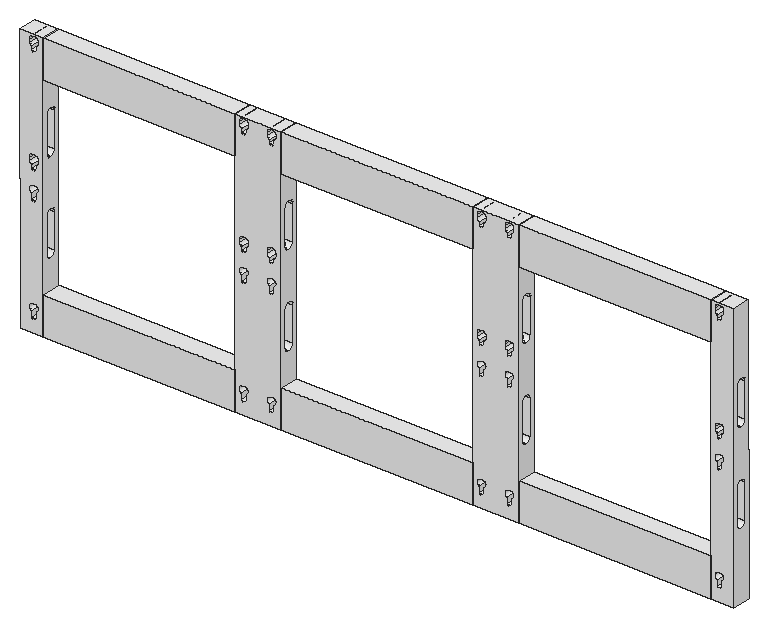
Revit family "DAK-NPN-COB-X600-2x3-Speed Frame_R23", category Generic Models, Revit 2023
Family settings
  Can host rebar = No
  Round Connector Dimension = Use Diameter
  Part Type = Normal
  Work Plane-Based = No
  Always vertical = Yes
  Cut with Voids When Loaded = No
  Maintain Annotation Orientation = No
  Shared = No
  Room Calculation Point = No
Parameters
  Default Elevation = 0' - 0"
Reference planes (in)
  plane 1 "Center (Front/Back)": y = 0
  plane 2: z = 0
  plane 3 "Center (Left/Right)": x = 0
Forms (in)
  Extrusion 1, solid, material "Aluminum"
    sketch origin (0, 0, 0) x (1, 0, 0) y (0, 0, 1)
      loop
        line (21.34252, 26.5748) -> (21.33858, 0) -> (25.90551, 0) -> (25.90945, 26.5748) -> (21.34252, 26.5748)
      loop
        line (0, 26.5748) -> (0, 0) -> (2.26772, 0) -> (2.26772, 26.5748) -> (0, 26.5748)
      loop
        line (44.96457, 26.5748) -> (44.96063, 0) -> (49.52756, 0) -> (49.5315, 26.5748) -> (44.96457, 26.5748)
      loop
        line (68.6063, 26.5748) -> (68.6063, 0) -> (70.86614, 0) -> (70.86614, 26.5748) -> (68.6063, 26.5748)
    from 0 to 1.83071
  Extrusion 2, void
    sketch origin (0, 0, 0) x (1, 0, 0) y (0, 0, 1)
      loop
        arc (0.94441, 15.27559) -> (1.0015, 15.07669) -> (1.15539, 14.93836) r 0.375
        line (1.15539, 14.93836) -> (1.15539, 14.68504)
        arc (1.15539, 14.68504) -> (1.20343, 14.56908) -> (1.31939, 14.52104) r 0.164
        line (1.31939, 14.52104) -> (1.44439, 14.52104)
        arc (1.44439, 14.52104) -> (1.56035, 14.56908) -> (1.60839, 14.68504) r 0.164
        line (1.60839, 14.68504) -> (1.60839, 14.93832)
        arc (1.60839, 14.93832) -> (1.76233, 15.07666) -> (1.81945, 15.27559) r 0.375
        line (1.81945, 15.27559) -> (1.81945, 15.55118)
        arc (1.81945, 15.55118) -> (1.70961, 15.81635) -> (1.44445, 15.92618) r 0.375
        line (1.44445, 15.92618) -> (1.31941, 15.92618)
        arc (1.31941, 15.92618) -> (1.05424, 15.81635) -> (0.94441, 15.55118) r 0.375
        line (0.94441, 15.55118) -> (0.94441, 15.27559)
      loop
        arc (1.15539, 1.39764) -> (1.20343, 1.28168) -> (1.31939, 1.23364) r 0.164
        line (1.31939, 1.23364) -> (1.44439, 1.23364)
        arc (1.44439, 1.23364) -> (1.56035, 1.28168) -> (1.60839, 1.39764) r 0.164
        line (1.60839, 1.39764) -> (1.60839, 1.92654)
        arc (1.60839, 1.92654) -> (1.80983, 2.34792) -> (1.44439, 2.63878) r 0.375
        line (1.44439, 2.63878) -> (1.31939, 2.63878)
        arc (1.31939, 2.63878) -> (0.95395, 2.34792) -> (1.15539, 1.92654) r 0.375
        line (1.15539, 1.92654) -> (1.15539, 1.39764)
      loop
        arc (1.15539, 11.92913) -> (1.20343, 11.81317) -> (1.31939, 11.76514) r 0.164
        line (1.31939, 11.76514) -> (1.44439, 11.76514)
        arc (1.44439, 11.76514) -> (1.56035, 11.81317) -> (1.60839, 11.92913) r 0.164
        line (1.60839, 11.92913) -> (1.60839, 12.45804)
        arc (1.60839, 12.45804) -> (1.80983, 12.87942) -> (1.44439, 13.17028) r 0.375
        line (1.44439, 13.17028) -> (1.31939, 13.17028)
        arc (1.31939, 13.17028) -> (0.95395, 12.87942) -> (1.15539, 12.45804) r 0.375
        line (1.15539, 12.45804) -> (1.15539, 11.92913)
      loop
        arc (21.81049, 15.27559) -> (21.8676, 15.07667) -> (22.02153, 14.93833) r 0.375
        line (22.02153, 14.93833) -> (22.02153, 14.68504)
        arc (22.02153, 14.68504) -> (22.06957, 14.56907) -> (22.18553, 14.52104) r 0.164
        line (22.18553, 14.52104) -> (22.31053, 14.52104)
        arc (22.31053, 14.52104) -> (22.4265, 14.56907) -> (22.47453, 14.68504) r 0.164
        line (22.47453, 14.68504) -> (22.47453, 14.93835)
        arc (22.47453, 14.93835) -> (22.62843, 15.07669) -> (22.68553, 15.27559) r 0.375
        line (22.68553, 15.27559) -> (22.68553, 15.55118)
        arc (22.68553, 15.55118) -> (22.5757, 15.81635) -> (22.31053, 15.92618) r 0.375
        line (22.31053, 15.92618) -> (22.18549, 15.92618)
        arc (22.18549, 15.92618) -> (21.92033, 15.81635) -> (21.81049, 15.55118) r 0.375
        line (21.81049, 15.55118) -> (21.81049, 15.27559)
      loop
        arc (22.02153, 1.39764) -> (22.06957, 1.28167) -> (22.18553, 1.23364) r 0.164
        line (22.18553, 1.23364) -> (22.31053, 1.23364)
        arc (22.31053, 1.23364) -> (22.4265, 1.28167) -> (22.47453, 1.39764) r 0.164
        line (22.47453, 1.39764) -> (22.47453, 1.92654)
        arc (22.47453, 1.92654) -> (22.67597, 2.34793) -> (22.31053, 2.63878) r 0.375
        line (22.31053, 2.63878) -> (22.18553, 2.63878)
        arc (22.18553, 2.63878) -> (21.82009, 2.34793) -> (22.02153, 1.92654) r 0.375
        line (22.02153, 1.92654) -> (22.02153, 1.39764)
      loop
        arc (22.02153, 11.92913) -> (22.06957, 11.81317) -> (22.18553, 11.76513) r 0.164
        line (22.18553, 11.76513) -> (22.31053, 11.76513)
        arc (22.31053, 11.76513) -> (22.4265, 11.81317) -> (22.47453, 11.92913) r 0.164
        line (22.47453, 11.92913) -> (22.47453, 12.45804)
        arc (22.47453, 12.45804) -> (22.67597, 12.87942) -> (22.31053, 13.17028) r 0.375
        line (22.31053, 13.17028) -> (22.18553, 13.17028)
        arc (22.18553, 13.17028) -> (21.82009, 12.87942) -> (22.02153, 12.45804) r 0.375
        line (22.02153, 12.45804) -> (22.02153, 11.92913)
      loop
        arc (24.56644, 15.27559) -> (24.62353, 15.07669) -> (24.77744, 14.93835) r 0.375
        line (24.77744, 14.93835) -> (24.77744, 14.68504)
        arc (24.77744, 14.68504) -> (24.82547, 14.56907) -> (24.94144, 14.52104) r 0.164
        line (24.94144, 14.52104) -> (25.06644, 14.52104)
        arc (25.06644, 14.52104) -> (25.1824, 14.56907) -> (25.23044, 14.68504) r 0.164
        line (25.23044, 14.68504) -> (25.23044, 14.93833)
        arc (25.23044, 14.93833) -> (25.38437, 15.07667) -> (25.44148, 15.27559) r 0.375
        line (25.44148, 15.27559) -> (25.44148, 15.55118)
        arc (25.44148, 15.55118) -> (25.33164, 15.81635) -> (25.06648, 15.92618) r 0.375
        line (25.06648, 15.92618) -> (24.94144, 15.92618)
        arc (24.94144, 15.92618) -> (24.67627, 15.81635) -> (24.56644, 15.55118) r 0.375
        line (24.56644, 15.55118) -> (24.56644, 15.27559)
      loop
        arc (24.77744, 1.39764) -> (24.82547, 1.28167) -> (24.94144, 1.23364) r 0.164
        line (24.94144, 1.23364) -> (25.06644, 1.23364)
        arc (25.06644, 1.23364) -> (25.1824, 1.28167) -> (25.23044, 1.39764) r 0.164
        line (25.23044, 1.39764) -> (25.23044, 1.92654)
        arc (25.23044, 1.92654) -> (25.43187, 2.34793) -> (25.06644, 2.63878) r 0.375
        line (25.06644, 2.63878) -> (24.94144, 2.63878)
        arc (24.94144, 2.63878) -> (24.576, 2.34793) -> (24.77744, 1.92654) r 0.375
        line (24.77744, 1.92654) -> (24.77744, 1.39764)
      loop
        arc (24.77744, 11.92913) -> (24.82547, 11.81317) -> (24.94144, 11.76513) r 0.164
        line (24.94144, 11.76513) -> (25.06644, 11.76513)
        arc (25.06644, 11.76513) -> (25.1824, 11.81317) -> (25.23044, 11.92913) r 0.164
        line (25.23044, 11.92913) -> (25.23044, 12.45804)
        arc (25.23044, 12.45804) -> (25.43187, 12.87942) -> (25.06644, 13.17028) r 0.375
        line (25.06644, 13.17028) -> (24.94144, 13.17028)
        arc (24.94144, 13.17028) -> (24.576, 12.87942) -> (24.77744, 12.45804) r 0.375
        line (24.77744, 12.45804) -> (24.77744, 11.92913)
      loop
        arc (48.68848, 1.23364) -> (48.80445, 1.28167) -> (48.85248, 1.39764) r 0.164
        line (48.85248, 1.39764) -> (48.85248, 1.92654)
        arc (48.85248, 1.92654) -> (49.05392, 2.34793) -> (48.68848, 2.63878) r 0.375
        line (48.68848, 2.63878) -> (48.56348, 2.63878)
        arc (48.56348, 2.63878) -> (48.19805, 2.34793) -> (48.39948, 1.92654) r 0.375
        line (48.39948, 1.92654) -> (48.39948, 1.39764)
        arc (48.39948, 1.39764) -> (48.44752, 1.28167) -> (48.56348, 1.23364) r 0.164
        line (48.56348, 1.23364) -> (48.68848, 1.23364)
      loop
        arc (45.93258, 1.23364) -> (46.04854, 1.28167) -> (46.09658, 1.39764) r 0.164
        line (46.09658, 1.39764) -> (46.09658, 1.92654)
        arc (46.09658, 1.92654) -> (46.29802, 2.34793) -> (45.93258, 2.63878) r 0.375
        line (45.93258, 2.63878) -> (45.80758, 2.63878)
        arc (45.80758, 2.63878) -> (45.44214, 2.34793) -> (45.64358, 1.92654) r 0.375
        line (45.64358, 1.92654) -> (45.64358, 1.39764)
        arc (45.64358, 1.39764) -> (45.69161, 1.28167) -> (45.80758, 1.23364) r 0.164
        line (45.80758, 1.23364) -> (45.93258, 1.23364)
      loop
        arc (69.55463, 1.23364) -> (69.67059, 1.28168) -> (69.71862, 1.39764) r 0.164
        line (69.71862, 1.39764) -> (69.71862, 1.92654)
        arc (69.71862, 1.92654) -> (69.92006, 2.34792) -> (69.55463, 2.63878) r 0.375
        line (69.55463, 2.63878) -> (69.42963, 2.63878)
        arc (69.42963, 2.63878) -> (69.06419, 2.34792) -> (69.26563, 1.92654) r 0.375
        line (69.26563, 1.92654) -> (69.26563, 1.39764)
        arc (69.26563, 1.39764) -> (69.31366, 1.28168) -> (69.42963, 1.23364) r 0.164
        line (69.42963, 1.23364) -> (69.55463, 1.23364)
      loop
        arc (48.68848, 11.76513) -> (48.80445, 11.81317) -> (48.85248, 11.92913) r 0.164
        line (48.85248, 11.92913) -> (48.85248, 12.45804)
        arc (48.85248, 12.45804) -> (49.05392, 12.87942) -> (48.68848, 13.17028) r 0.375
        line (48.68848, 13.17028) -> (48.56348, 13.17028)
        arc (48.56348, 13.17028) -> (48.19805, 12.87942) -> (48.39948, 12.45804) r 0.375
        line (48.39948, 12.45804) -> (48.39948, 11.92913)
        arc (48.39948, 11.92913) -> (48.44752, 11.81317) -> (48.56348, 11.76513) r 0.164
        line (48.56348, 11.76513) -> (48.68848, 11.76513)
      loop
        arc (45.93258, 11.76513) -> (46.04854, 11.81317) -> (46.09658, 11.92913) r 0.164
        line (46.09658, 11.92913) -> (46.09658, 12.45804)
        arc (46.09658, 12.45804) -> (46.29802, 12.87942) -> (45.93258, 13.17028) r 0.375
        line (45.93258, 13.17028) -> (45.80758, 13.17028)
        arc (45.80758, 13.17028) -> (45.44214, 12.87942) -> (45.64358, 12.45804) r 0.375
        line (45.64358, 12.45804) -> (45.64358, 11.92913)
        arc (45.64358, 11.92913) -> (45.69161, 11.81317) -> (45.80758, 11.76513) r 0.164
        line (45.80758, 11.76513) -> (45.93258, 11.76513)
      loop
        arc (69.55463, 11.76514) -> (69.67059, 11.81317) -> (69.71862, 11.92913) r 0.164
        line (69.71862, 11.92913) -> (69.71862, 12.45804)
        arc (69.71862, 12.45804) -> (69.92006, 12.87942) -> (69.55463, 13.17028) r 0.375
        line (69.55463, 13.17028) -> (69.42963, 13.17028)
        arc (69.42963, 13.17028) -> (69.06419, 12.87942) -> (69.26563, 12.45804) r 0.375
        line (69.26563, 12.45804) -> (69.26563, 11.92913)
        arc (69.26563, 11.92913) -> (69.31366, 11.81317) -> (69.42963, 11.76514) r 0.164
        line (69.42963, 11.76514) -> (69.55463, 11.76514)
      loop
        arc (48.68848, 14.52104) -> (48.80445, 14.56907) -> (48.85248, 14.68504) r 0.164
        line (48.85248, 14.68504) -> (48.85248, 14.93833)
        arc (48.85248, 14.93833) -> (49.00642, 15.07667) -> (49.06352, 15.27559) r 0.375
        line (49.06352, 15.27559) -> (49.06352, 15.55118)
        arc (49.06352, 15.55118) -> (48.95369, 15.81635) -> (48.68852, 15.92618) r 0.375
        line (48.68852, 15.92618) -> (48.56348, 15.92618)
        arc (48.56348, 15.92618) -> (48.29832, 15.81635) -> (48.18848, 15.55118) r 0.375
        line (48.18848, 15.55118) -> (48.18848, 15.27559)
        arc (48.18848, 15.27559) -> (48.24558, 15.07669) -> (48.39948, 14.93835) r 0.375
        line (48.39948, 14.93835) -> (48.39948, 14.68504)
        arc (48.39948, 14.68504) -> (48.44752, 14.56907) -> (48.56348, 14.52104) r 0.164
        line (48.56348, 14.52104) -> (48.68848, 14.52104)
      loop
        arc (45.93258, 14.52104) -> (46.04854, 14.56907) -> (46.09658, 14.68504) r 0.164
        line (46.09658, 14.68504) -> (46.09658, 14.93835)
        arc (46.09658, 14.93835) -> (46.25048, 15.07669) -> (46.30758, 15.27559) r 0.375
        line (46.30758, 15.27559) -> (46.30758, 15.55118)
        arc (46.30758, 15.55118) -> (46.19774, 15.81635) -> (45.93258, 15.92618) r 0.375
        line (45.93258, 15.92618) -> (45.80754, 15.92618)
        arc (45.80754, 15.92618) -> (45.54237, 15.81635) -> (45.43254, 15.55118) r 0.375
        line (45.43254, 15.55118) -> (45.43254, 15.27559)
        arc (45.43254, 15.27559) -> (45.48965, 15.07667) -> (45.64358, 14.93833) r 0.375
        line (45.64358, 14.93833) -> (45.64358, 14.68504)
        arc (45.64358, 14.68504) -> (45.69161, 14.56907) -> (45.80758, 14.52104) r 0.164
        line (45.80758, 14.52104) -> (45.93258, 14.52104)
      loop
        arc (69.55463, 14.52104) -> (69.67059, 14.56908) -> (69.71862, 14.68504) r 0.164
        line (69.71862, 14.68504) -> (69.71862, 14.93836)
        arc (69.71862, 14.93836) -> (69.87251, 15.07669) -> (69.92961, 15.27559) r 0.375
        line (69.92961, 15.27559) -> (69.92961, 15.55118)
        arc (69.92961, 15.55118) -> (69.81977, 15.81635) -> (69.55461, 15.92618) r 0.375
        line (69.55461, 15.92618) -> (69.42957, 15.92618)
        arc (69.42957, 15.92618) -> (69.1644, 15.81635) -> (69.05457, 15.55118) r 0.375
        line (69.05457, 15.55118) -> (69.05457, 15.27559)
        arc (69.05457, 15.27559) -> (69.11168, 15.07666) -> (69.26563, 14.93832) r 0.375
        line (69.26563, 14.93832) -> (69.26563, 14.68504)
        arc (69.26563, 14.68504) -> (69.31366, 14.56908) -> (69.42963, 14.52104) r 0.164
        line (69.42963, 14.52104) -> (69.55463, 14.52104)
      loop
        arc (0.94441, 25.80709) -> (1.0015, 25.60819) -> (1.15539, 25.46986) r 0.375
        line (1.15539, 25.46986) -> (1.15539, 25.21654)
        arc (1.15539, 25.21654) -> (1.20343, 25.10057) -> (1.31939, 25.05254) r 0.164
        line (1.31939, 25.05254) -> (1.44439, 25.05254)
        arc (1.44439, 25.05254) -> (1.56035, 25.10057) -> (1.60839, 25.21654) r 0.164
        line (1.60839, 25.21654) -> (1.60839, 25.46982)
        arc (1.60839, 25.46982) -> (1.76233, 25.60815) -> (1.81945, 25.80709) r 0.375
        line (1.81945, 25.80709) -> (1.81945, 26.08268)
        arc (1.81945, 26.08268) -> (1.70961, 26.34784) -> (1.44445, 26.45768) r 0.375
        line (1.44445, 26.45768) -> (1.31941, 26.45768)
        arc (1.31941, 26.45768) -> (1.05424, 26.34784) -> (0.94441, 26.08268) r 0.375
        line (0.94441, 26.08268) -> (0.94441, 25.80709)
      loop
        arc (21.81049, 25.80709) -> (21.8676, 25.60816) -> (22.02153, 25.46983) r 0.375
        line (22.02153, 25.46983) -> (22.02153, 25.21654)
        arc (22.02153, 25.21654) -> (22.06957, 25.10057) -> (22.18553, 25.05254) r 0.164
        line (22.18553, 25.05254) -> (22.31053, 25.05254)
        arc (22.31053, 25.05254) -> (22.4265, 25.10057) -> (22.47453, 25.21654) r 0.164
        line (22.47453, 25.21654) -> (22.47453, 25.46985)
        arc (22.47453, 25.46985) -> (22.62843, 25.60818) -> (22.68553, 25.80709) r 0.375
        line (22.68553, 25.80709) -> (22.68553, 26.08268)
        arc (22.68553, 26.08268) -> (22.5757, 26.34784) -> (22.31053, 26.45768) r 0.375
        line (22.31053, 26.45768) -> (22.18549, 26.45768)
        arc (22.18549, 26.45768) -> (21.92033, 26.34784) -> (21.81049, 26.08268) r 0.375
        line (21.81049, 26.08268) -> (21.81049, 25.80709)
      loop
        arc (24.56644, 25.80709) -> (24.62353, 25.60818) -> (24.77744, 25.46985) r 0.375
        line (24.77744, 25.46985) -> (24.77744, 25.21654)
        arc (24.77744, 25.21654) -> (24.82547, 25.10057) -> (24.94144, 25.05254) r 0.164
        line (24.94144, 25.05254) -> (25.06644, 25.05254)
        arc (25.06644, 25.05254) -> (25.1824, 25.10057) -> (25.23044, 25.21654) r 0.164
        line (25.23044, 25.21654) -> (25.23044, 25.46983)
        arc (25.23044, 25.46983) -> (25.38437, 25.60816) -> (25.44148, 25.80709) r 0.375
        line (25.44148, 25.80709) -> (25.44148, 26.08268)
        arc (25.44148, 26.08268) -> (25.33164, 26.34784) -> (25.06648, 26.45768) r 0.375
        line (25.06648, 26.45768) -> (24.94144, 26.45768)
        arc (24.94144, 26.45768) -> (24.67627, 26.34784) -> (24.56644, 26.08268) r 0.375
        line (24.56644, 26.08268) -> (24.56644, 25.80709)
      loop
        arc (48.68848, 25.05254) -> (48.80445, 25.10057) -> (48.85248, 25.21654) r 0.164
        line (48.85248, 25.21654) -> (48.85248, 25.46983)
        arc (48.85248, 25.46983) -> (49.00642, 25.60816) -> (49.06352, 25.80709) r 0.375
        line (49.06352, 25.80709) -> (49.06352, 26.08268)
        arc (49.06352, 26.08268) -> (48.95369, 26.34784) -> (48.68852, 26.45768) r 0.375
        line (48.68852, 26.45768) -> (48.56348, 26.45768)
        arc (48.56348, 26.45768) -> (48.29832, 26.34784) -> (48.18848, 26.08268) r 0.375
        line (48.18848, 26.08268) -> (48.18848, 25.80709)
        arc (48.18848, 25.80709) -> (48.24558, 25.60818) -> (48.39948, 25.46985) r 0.375
        line (48.39948, 25.46985) -> (48.39948, 25.21654)
        arc (48.39948, 25.21654) -> (48.44752, 25.10057) -> (48.56348, 25.05254) r 0.164
        line (48.56348, 25.05254) -> (48.68848, 25.05254)
      loop
        arc (45.93258, 25.05254) -> (46.04854, 25.10057) -> (46.09658, 25.21654) r 0.164
        line (46.09658, 25.21654) -> (46.09658, 25.46985)
        arc (46.09658, 25.46985) -> (46.25048, 25.60818) -> (46.30758, 25.80709) r 0.375
        line (46.30758, 25.80709) -> (46.30758, 26.08268)
        arc (46.30758, 26.08268) -> (46.19774, 26.34784) -> (45.93258, 26.45768) r 0.375
        line (45.93258, 26.45768) -> (45.80754, 26.45768)
        arc (45.80754, 26.45768) -> (45.54237, 26.34784) -> (45.43254, 26.08268) r 0.375
        line (45.43254, 26.08268) -> (45.43254, 25.80709)
        arc (45.43254, 25.80709) -> (45.48965, 25.60816) -> (45.64358, 25.46983) r 0.375
        line (45.64358, 25.46983) -> (45.64358, 25.21654)
        arc (45.64358, 25.21654) -> (45.69161, 25.10057) -> (45.80758, 25.05254) r 0.164
        line (45.80758, 25.05254) -> (45.93258, 25.05254)
      loop
        arc (69.55463, 25.05254) -> (69.67059, 25.10057) -> (69.71862, 25.21654) r 0.164
        line (69.71862, 25.21654) -> (69.71862, 25.46986)
        arc (69.71862, 25.46986) -> (69.87251, 25.60819) -> (69.92961, 25.80709) r 0.375
        line (69.92961, 25.80709) -> (69.92961, 26.08268)
        arc (69.92961, 26.08268) -> (69.81977, 26.34784) -> (69.55461, 26.45768) r 0.375
        line (69.55461, 26.45768) -> (69.42957, 26.45768)
        arc (69.42957, 26.45768) -> (69.1644, 26.34784) -> (69.05457, 26.08268) r 0.375
        line (69.05457, 26.08268) -> (69.05457, 25.80709)
        arc (69.05457, 25.80709) -> (69.11168, 25.60815) -> (69.26563, 25.46982) r 0.375
        line (69.26563, 25.46982) -> (69.26563, 25.21654)
        arc (69.26563, 25.21654) -> (69.31366, 25.10057) -> (69.42963, 25.05254) r 0.164
        line (69.42963, 25.05254) -> (69.55463, 25.05254)
    from 0 to 1.83071
  Extrusion 3, solid, material "Aluminum"
    sketch origin (0, 0, 0) x (1, 0, 0) y (0, 0, 1)
      loop
        line (21.34252, 26.5748) -> (2.26772, 26.5748) -> (2.26772, 22.83858) -> (21.34252, 22.83858) -> (21.34252, 26.5748)
      loop
        line (2.26772, 0) -> (21.33914, 0) -> (21.33914, 3.77559) -> (2.26772, 3.77559) -> (2.26772, 0)
      loop
        line (44.96064, 0) -> (44.96064, 3.77559) -> (25.90607, 3.77559) -> (25.90607, 0) -> (44.96064, 0)
      loop
        line (44.96456, 26.5748) -> (25.9089, 26.5748) -> (25.9089, 22.83858) -> (44.96456, 22.83858) -> (44.96456, 26.5748)
      loop
        line (49.53094, 22.83858) -> (68.6063, 22.83858) -> (68.6063, 26.5748) -> (49.53094, 26.5748) -> (49.53094, 22.83858)
      loop
        line (49.52757, 0) -> (68.6063, 0) -> (68.6063, 3.77559) -> (49.52757, 3.77559) -> (49.52757, 0)
    from 0 to 1.83071
  Extrusion 4, void
    sketch origin (0, 0, 0) x (0, 1, 0) y (0, 0, 1)
      loop
        arc (-1.43504, 7.10157) -> (-1.30251, 6.76251) -> (-0.97518, 6.60319) r 0.5
        arc (-0.97518, 6.60319) -> (-0.91535, 6.55876) -> (-0.85552, 6.60319) r 0.0625
        arc (-0.85552, 6.60319) -> (-0.5282, 6.76251) -> (-0.39567, 7.10157) r 0.5
        line (-0.39567, 7.10157) -> (-0.39567, 10.52677)
        arc (-0.39567, 10.52677) -> (-0.5282, 10.86583) -> (-0.85552, 11.02516) r 0.5
        arc (-0.85552, 11.02516) -> (-0.91535, 11.06959) -> (-0.97518, 11.02516) r 0.0625
        arc (-0.97518, 11.02516) -> (-1.30251, 10.86583) -> (-1.43504, 10.52677) r 0.5
        line (-1.43504, 10.52677) -> (-1.43504, 7.10157)
      loop
        arc (-1.43504, 16.1189) -> (-1.30251, 15.77983) -> (-0.97518, 15.62051) r 0.5
        arc (-0.97518, 15.62051) -> (-0.91535, 15.57608) -> (-0.85552, 15.62051) r 0.0625
        arc (-0.85552, 15.62051) -> (-0.5282, 15.77983) -> (-0.39567, 16.1189) r 0.5
        line (-0.39567, 16.1189) -> (-0.39567, 19.54409)
        arc (-0.39567, 19.54409) -> (-0.5282, 19.88316) -> (-0.85552, 20.04248) r 0.5
        arc (-0.85552, 20.04248) -> (-0.91535, 20.08691) -> (-0.97518, 20.04248) r 0.0625
        arc (-0.97518, 20.04248) -> (-1.30251, 19.88316) -> (-1.43504, 19.54409) r 0.5
        line (-1.43504, 19.54409) -> (-1.43504, 16.1189)
    from 0 to 70.86614
Cuts and joins
  Extrusion 2, Extrusion 4 cuts Extrusion 1
Dimensions and locks (in)
  aligned and locked: plane 2 to level
